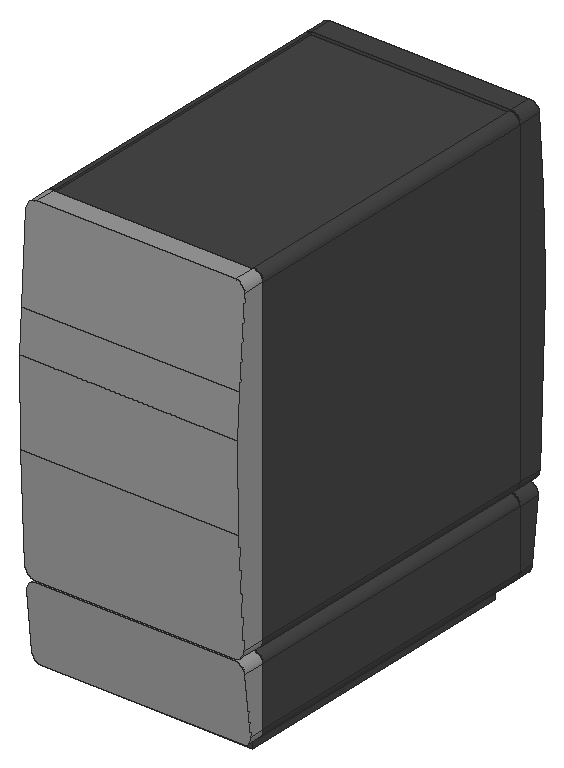
Revit family "Franke_Refrigeration_side_unit_SU05_CM-A200_FM_CM(CN)", category Specialty Equipment, Revit 2015
Parameters (values of type "Refrigeration side unit SU05 CM-A200 FM CM(200V/anthracite/CN)")
  URL = "https://www.franke.com/main/en/cs/products/product-search.html"
  Depth (mm) = 475 mm
  Temperature range = "+ 3° C to +8° C"
  Volts min. = 200 V
  Volts max. = 0 V
  Max Overcurrent Protection = "-"
  Cycle Alternative = 0 Hz
  Cycle = 50 Hz
  Model = "410871 - Refrigeration side unit SU05 CM - A200 FM CM"
  Milk storage = "5 l"
  Watts min. = 1950 W
  Watts max. = 0 W
  Cost = 0
  Height (mm) = 544 mm
  Manufacturer = "Franke"
  Energy loss acc. to DIN 18873 = "0.460 kWh/24 h - 230 V"
  Width (mm) = 270 mm
  Description = "Refrigeration side unit SU05 for storage of cooled milk"
  Assembly Code = "Refrigeration side unit SU05"
  Keynote = "Refrigeration side unit SU05"
  Weight = "25 kg"
  Number of Poles = 1
  Number of Protective Conductors = "1"
  Number of Nutral Conductors = "1"
  Frontcover = Franke Anthracite
Types (3, lengths in mm): name | Frontcover
  (no name) | Franke Anthracite
  Refrigeration side unit SU05 CM-A200 FM CM(200V/black line/CN) | Franke Black
  Refrigeration side unit SU05 CM-A200 FM CM(200V/anthracite/CN) | Franke Anthracite
Reference planes
  plane 1 "Mitte (Vorne/Hinten)": y = 0
  plane 2: z = 0
  plane 3 "Mitte (Links/Rechts)": x = 0
Forms (mm)
  Extrusion 1, solid, material "Franke Black"
    sketch origin (0, 0, -42) x (1, 0, 0) y (0, 0, 1)
      loop
        line (123, 586) -> (-123, 586)
        arc (-123, 586) -> (-131.485, 582.485) -> (-135, 574) r 12
        line (-135, 574) -> (-135, 178)
        arc (-135, 178) -> (-131.485, 169.515) -> (-123, 166) r 12
        line (-123, 166) -> (123, 166)
        arc (123, 166) -> (131.485, 169.515) -> (135, 178) r 12
        line (135, 178) -> (135, 574)
        arc (135, 574) -> (131.485, 582.485) -> (123, 586) r 12
      loop
        arc (-135, 78) -> (-131.485, 69.515) -> (-123, 66) r 12
        line (-123, 66) -> (123, 66)
        arc (123, 66) -> (131.485, 69.515) -> (135, 78) r 12
        line (135, 78) -> (135, 151)
        arc (135, 151) -> (131.485, 159.485) -> (123, 163) r 12
        line (123, 163) -> (-123, 163)
        arc (-123, 163) -> (-131.485, 159.485) -> (-135, 151) r 12
        line (-135, 151) -> (-135, 78)
    from -198.03 to 198.03
  Extrusion 2, solid, material "Franke Black"
    sketch origin (0, 0, -42) x (1, 0, 0) y (0, 0, 1)
      loop
        line (-114, 66) -> (-114, 46) -> (114, 46) -> (114, 66) -> (-114, 66)
    from -186.97 to 188.03
  Extrusion 3, solid, material "Franke Anthracite" <- "Frontcover"
    sketch origin (0, 0, -42) x (0, 1, 0) y (0, 0, 1)
      loop
        line (-199.53, 586) -> (-226.03, 586)
        arc (-226.03, 586) -> (-230.318, 527.256) -> (-234.387, 468.497) r 15843.742
        arc (-234.387, 468.497) -> (-235.812, 442.176) -> (-236.543, 415.826) r 1000
        arc (-236.543, 415.826) -> (-236.783, 362.852) -> (-235.96, 309.883) r 2640.505
        arc (-235.96, 309.883) -> (-232.928, 237.872) -> (-227.52, 166) r 2182.336
        line (-227.52, 166) -> (-199.53, 166) -> (-199.53, 586)
      loop
        arc (-227.242, 163) -> (-222.173, 114.438) -> (-216.03, 66) r 2207.212
        line (-216.03, 66) -> (-199.53, 66) -> (-199.53, 163) -> (-227.242, 163)
    from -135 to 135
  Extrusion 4, solid, material "Franke Black"
    sketch origin (0, 0, -42) x (1, 0, 0) y (0, 0, 1)
      loop
        line (-120, 576) -> (-120, 66) -> (120, 66) -> (120, 576) -> (-120, 576)
    from 198.03 to 199.53
  Extrusion 5, solid, material "Franke Black"
    sketch origin (0, 397.56, -42) x (1, 0, 0) y (0, 0, 1)
      loop
        line (-120, 576) -> (-120, 66) -> (120, 66) -> (120, 576) -> (-120, 576)
    from 198.03 to 199.53
  Extrusion 6, solid, material "Franke Black"
    sketch origin (0, 0, -42) x (1, 0, 0) y (0, 1, 0)
      loop
        line (-107.375, 116.841) -> (-107.375, 95.391) -> (-90.625, 95.391) -> (-90.625, 116.841) -> (-107.375, 116.841)
      loop
        line (-107.375, -98.159) -> (-107.375, -119.609) -> (-90.625, -119.609) -> (-90.625, -98.159) -> (-107.375, -98.159)
      loop
        line (107.375, 116.841) -> (90.625, 116.841) -> (90.625, 95.391) -> (107.375, 95.391) -> (107.375, 116.841)
      loop
        line (107.375, -98.159) -> (90.625, -98.159) -> (90.625, -119.609) -> (107.375, -119.609) -> (107.375, -98.159)
    from 42 to 46
  Extrusion 7, solid, material "Franke Black"
    sketch origin (0, 0, -42) x (0, 1, 0) y (0, 0, 1)
      loop
        line (228.03, 586) -> (199.53, 586) -> (199.53, 166) -> (227.909, 166)
        arc (227.909, 166) -> (234.785, 268.409) -> (237.114, 371.022) r 2314.482
        arc (237.114, 371.022) -> (237.115, 384.228) -> (237.104, 397.434) r 15169.055
        arc (237.104, 397.434) -> (236.381, 442.975) -> (234.325, 488.477) r 1555
        arc (234.325, 488.477) -> (231.291, 537.246) -> (228.03, 586) r 10528.092
      loop
        line (199.53, 66) -> (216.03, 66)
        arc (216.03, 66) -> (222.776, 114.386) -> (227.62, 163) r 1246.054
        line (227.62, 163) -> (199.53, 163) -> (199.53, 66)
    from -135 to 135
  Extrusion 8, void
    sketch origin (0, 0, -42) x (1, 0, 0) y (0, 0, 1)
      loop
        line (-123, 586) -> (-123, 596) -> (-145, 596) -> (-145, 574) -> (-135, 574)
        arc (-135, 574) -> (-131.485, 582.485) -> (-123, 586) r 12
      loop
        arc (123, 586) -> (131.485, 582.485) -> (135, 574) r 12
        line (135, 574) -> (145, 574) -> (145, 596) -> (123, 596) -> (123, 586)
      loop
        arc (-123, 166) -> (-131.485, 169.515) -> (-135, 178) r 12
        line (-135, 178) -> (-145, 178) -> (-145, 151) -> (-135, 151)
        arc (-135, 151) -> (-131.485, 159.485) -> (-123, 163) r 12
        line (-123, 163) -> (-123, 166)
      loop
        line (123, 66) -> (123, 56) -> (145, 56) -> (145, 78) -> (135, 78)
        arc (135, 78) -> (131.485, 69.515) -> (123, 66) r 12
      loop
        arc (-123, 66) -> (-131.485, 69.515) -> (-135, 78) r 12
        line (-135, 78) -> (-145, 78) -> (-145, 56) -> (-123, 56) -> (-123, 66)
      loop
        line (123, 166) -> (123, 163)
        arc (123, 163) -> (131.485, 159.485) -> (135, 151) r 12
        line (135, 151) -> (145, 151) -> (145, 178) -> (135, 178)
        arc (135, 178) -> (131.485, 169.515) -> (123, 166) r 12
    from -299.15 to 303.805
  Extrusion 9, void
    sketch origin (0, 0, -42) x (1, 0, 0) y (0, 1, 0)
      loop
        circle (-92.5, 137.316) r 16
      loop
        circle (-92.5, -140.084) r 16
      loop
        circle (92.5, 137.316) r 16
      loop
        circle (92.5, -140.084) r 16
    from 18.481 to 51
  Extrusion 10, solid, material "Franke Chrome"
    sketch origin (0, 0, 0) x (1, 0, 0) y (0, 1, 0)
      loop
        circle (0, 157.898) r 2.5
    from 0 to 4
  Extrusion 11, void
    sketch origin (-662.928, -2000, 0) x (1, 0, 0) y (0, 1, 0)
      loop
        line (539.928, 1766.374) -> (785.928, 1766.374) -> (785.928, 2217.396) -> (539.928, 2217.396) -> (539.928, 1766.374)
    from 542.002 to 621.958
Cuts and joins
  Extrusion 8 cuts Extrusion 7
  Extrusion 9 cuts Extrusion 2
  Extrusion 8 cuts Extrusion 3
  Extrusion 11 cuts Extrusion 1
Dimensions and locks
  aligned and locked: level to plane 2
Connectors
  electrical at (0, 157.898, 0), driven by "Number of Poles", driven by "Volts max."
    settings: on Extrusion 10, index 1, voltage 0 V, apparent load 0 VA, apparent load phase1 0 VA, apparent load phase2 0 VA, apparent load phase3 0 VA, power factor 1, load classification "Strom", number of poles 1, system type 31, power factor state 1, is connector primary yes, connector utility no, sub classification motor no, connector description ""
